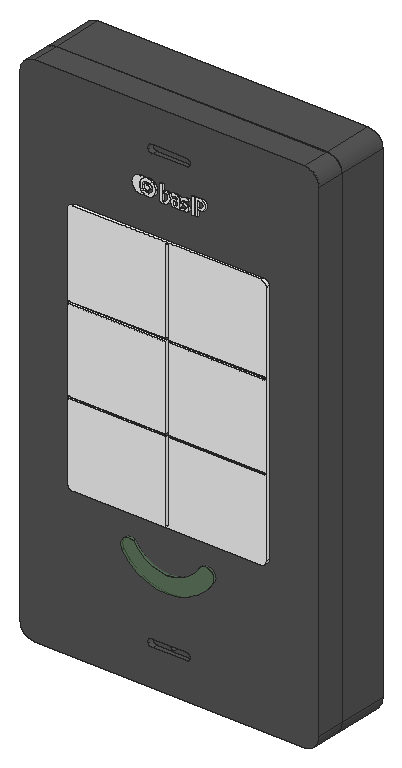
Revit family "BAS-IP_Абонетское устройство_SP-03", category Устройства связи, Revit 2019
Family settings
  Сохранять ориентацию аннотаций = Нет
  Размер круглого соединителя = Использовать диаметр
  Тип детали = Нормальный
  На основе рабочей плоскости = Нет
  Всегда вертикально = Да
  При загрузке вырезать с полостями = Нет
  Общий = Нет
  Точка расчета площади = Нет
Parameters (values of type "Черный")
  Цветовое решение = "Черный"
  УГО_Смещение_Y [instance] = 0 mm
  УГО_Смещение_X [instance] = 0 mm
  Тип поддерживаемых кодеков = "G.711μ / G.711a"
  Количество клавиш управления = "6"
  Тип установки = "Настенный"
  Количество поддерживаемых учетных записей VoIP = "1"
  Подключение к сети = "1 PoE порт IEEE 802.3af"
  Метод приемо-передачи аудиосигнала = "Full Duplex"
  Зона обслуживания [instance] = no
  Габаритные размеры = "183 × 105 × 28 мм"
  Питание = "PoE, +12 В"
  Wi-Fi = "2.4GHz (IEEE 802.11n)"
  Изготовитель = "BAS-IP"  # constant formula
  Тип поддерживаемого протокола = "IPv4"
  Способ настройки и программирования = "WEB-интерфейс"
  ADSK_Размер_Смещение от уровня [instance] = 1000 mm
  ADSK_Примечание [instance] = ""
  ADSK_Позиция [instance] = ""
  ADSK_Наименование = "Абонентское IP аудиоустройство"
  ADSK_Материал = Black
  ADSK_Марка = "SP-03 Black"
  ADSK_Количество = 1  # constant formula
  ADSK_Код изделия = ""
  ADSK_Завод-изготовитель = "BAS-IP"  # constant formula
  ADSK_Единица измерения = "шт."  # constant formula
Types (2, lengths in mm): name | Цветовое решение | ADSK_Материал | ADSK_Марка
  Белый | "Белый" | White | "SP-03 White"
  Черный | "Черный" | Black | "SP-03 Black"
Reference planes
  plane 1 "По центру (Вперед/Назад)": y = 0
  plane 2: z = 0
  plane 3 "По центру (Влево/Вправо)": x = 0
  plane 4: z = 1000
  plane 5: z = 0
  plane 6: x = 0
  plane 7: y = 0
Forms (mm)
  Extrusion 1, solid, material "Black" <- "ADSK_Материал", detail levels medium+fine
    sketch origin (0, 0, 1000) x (1, 0, 0) y (0, 0, 1)
      loop
        arc (-47.5, 183) -> (-51.036, 181.536) -> (-52.5, 178) r 5
        line (-52.5, 178) -> (-52.5, 5)
        arc (-52.5, 5) -> (-51.036, 1.464) -> (-47.5, 0) r 5
        line (-47.5, 0) -> (47.5, 0)
        arc (47.5, 0) -> (51.036, 1.464) -> (52.5, 5) r 5
        line (52.5, 5) -> (52.5, 178)
        arc (52.5, 178) -> (51.036, 181.536) -> (47.5, 183) r 5
        line (47.5, 183) -> (-47.5, 183)
    from 0 to 10
  Extrusion 2, solid, material "Silver", detail levels fine
    sketch origin (1.156, 0, 1000) x (1, 0, 0) y (0, 0, 1)
      loop
        arc (-34.156, 142.833) -> (-35.57, 142.247) -> (-36.156, 140.833) r 2
        line (-36.156, 140.833) -> (-36.156, 54.833)
        arc (-36.156, 54.833) -> (-35.57, 53.418) -> (-34.156, 52.833) r 2
        line (-34.156, 52.833) -> (31.844, 52.833)
        arc (31.844, 52.833) -> (33.258, 53.418) -> (33.844, 54.833) r 2
        line (33.844, 54.833) -> (33.844, 140.833)
        arc (33.844, 140.833) -> (33.258, 142.247) -> (31.844, 142.833) r 2
        line (31.844, 142.833) -> (-34.156, 142.833)
    from 10 to 11
  Extrusion 3, void, detail levels fine
    sketch origin (0, 0, 1000) x (1, 0, 0) y (0, 0, 1)
      loop
        line (-0.5, 53.333) -> (0.5, 53.333) -> (0.5, 142.333) -> (-0.5, 142.333) -> (-0.5, 53.333)
    from 10 to 11
  Extrusion 4, void, detail levels fine
    sketch origin (108.333, 0, 1122.909) x (0, 0, 1) y (-1, 0, 0)
      loop
        line (-11.5, 73.833) -> (-10.5, 73.833) -> (-10.5, 142.833) -> (-11.5, 142.833) -> (-11.5, 73.833)
      loop
        line (-41.5, 73.833) -> (-40.5, 73.833) -> (-40.5, 142.833) -> (-41.5, 142.833) -> (-41.5, 73.833)
    from 10 to 11
  Extrusion 5, void, detail levels fine
    sketch origin (166.018, 0, 844.416) x (1, 0, 0) y (0, 0, 1)
      loop
        arc (-172.018, 171.117) -> (-173.518, 169.617) -> (-172.018, 168.117) r 1.5
        line (-172.018, 168.117) -> (-160.018, 168.117)
        arc (-160.018, 168.117) -> (-158.518, 169.617) -> (-160.018, 171.117) r 1.5
        line (-160.018, 171.117) -> (-172.018, 171.117)
    from 8 to 10
  Extrusion 6, void, detail levels fine
    sketch origin (166.018, 0, 1000) x (1, 0, 0) y (0, 0, 1)
      loop
        arc (-172.018, 171.117) -> (-173.518, 169.617) -> (-172.018, 168.117) r 1.5
        line (-172.018, 168.117) -> (-160.018, 168.117)
        arc (-160.018, 168.117) -> (-158.518, 169.617) -> (-160.018, 171.117) r 1.5
        line (-160.018, 171.117) -> (-172.018, 171.117)
    from 8 to 10
  Extrusion 7, void, detail levels fine
    sketch origin (0, 0, 1000) x (1, 0, 0) y (0, 0, 1)
      loop
        circle (0, 13.959) r 1.014
    from 5 to 8
  Extrusion 8, solid, material "Green indicator", detail levels fine
    sketch origin (166.458, 0, 1000) x (1, 0, 0) y (0, 0, 1)
      loop
        arc (-178.291, 44.59) -> (-181.899, 44.071) -> (-182.267, 40.444) r 2.96
        arc (-182.267, 40.444) -> (-166.286, 31.864) -> (-150.417, 40.65) r 18.945
        arc (-150.417, 40.65) -> (-150.903, 44.407) -> (-154.685, 44.61) r 2.96
        arc (-154.685, 44.61) -> (-166.483, 37.917) -> (-178.291, 44.59) r 13.764
    from 10 to 11
  Extrusion 9, solid, material "Black" <- "ADSK_Материал", detail levels medium+fine
    sketch origin (0, 10, 1000) x (1, 0, 0) y (0, 0, 1)
      loop
        arc (-47.5, 183) -> (-51.036, 181.536) -> (-52.5, 178) r 5
        line (-52.5, 178) -> (-52.5, 5)
        arc (-52.5, 5) -> (-51.036, 1.464) -> (-47.5, 0) r 5
        line (-47.5, 0) -> (47.5, 0)
        arc (47.5, 0) -> (51.036, 1.464) -> (52.5, 5) r 5
        line (52.5, 5) -> (52.5, 178)
        arc (52.5, 178) -> (51.036, 181.536) -> (47.5, 183) r 5
        line (47.5, 183) -> (-47.5, 183)
    from -8 to 10
  Extrusion 10, solid, material "Black" <- "ADSK_Материал", not visible, detail levels medium+fine
    sketch origin (0, 0, 0) x (1, 0, 0) y (0, 0, 1)
      loop
        arc (-47.5, 183) -> (-51.036, 181.536) -> (-52.5, 178) r 5
        line (-52.5, 178) -> (-52.5, 5)
        arc (-52.5, 5) -> (-51.036, 1.464) -> (-47.5, 0) r 5
        line (-47.5, 0) -> (47.5, 0)
        arc (47.5, 0) -> (51.036, 1.464) -> (52.5, 5) r 5
        line (52.5, 5) -> (52.5, 178)
        arc (52.5, 178) -> (51.036, 181.536) -> (47.5, 183) r 5
        line (47.5, 183) -> (-47.5, 183)
    from 0 to 10
  Extrusion 11, solid, material "Silver", not visible, detail levels fine
    sketch origin (1.156, 0, 0) x (1, 0, 0) y (0, 0, 1)
      loop
        arc (-34.156, 142.833) -> (-35.57, 142.247) -> (-36.156, 140.833) r 2
        line (-36.156, 140.833) -> (-36.156, 54.833)
        arc (-36.156, 54.833) -> (-35.57, 53.418) -> (-34.156, 52.833) r 2
        line (-34.156, 52.833) -> (31.844, 52.833)
        arc (31.844, 52.833) -> (33.258, 53.418) -> (33.844, 54.833) r 2
        line (33.844, 54.833) -> (33.844, 140.833)
        arc (33.844, 140.833) -> (33.258, 142.247) -> (31.844, 142.833) r 2
        line (31.844, 142.833) -> (-34.156, 142.833)
    from 10 to 11
  Extrusion 12, void, not visible, detail levels fine
    sketch origin (0, 0, 0) x (1, 0, 0) y (0, 0, 1)
      loop
        line (-0.5, 53.333) -> (0.5, 53.333) -> (0.5, 142.333) -> (-0.5, 142.333) -> (-0.5, 53.333)
    from 10 to 11
  Extrusion 13, void, not visible, detail levels fine
    sketch origin (108.333, 0, 122.909) x (0, 0, 1) y (-1, 0, 0)
      loop
        line (-11.5, 73.833) -> (-10.5, 73.833) -> (-10.5, 142.833) -> (-11.5, 142.833) -> (-11.5, 73.833)
      loop
        line (-41.5, 73.833) -> (-40.5, 73.833) -> (-40.5, 142.833) -> (-41.5, 142.833) -> (-41.5, 73.833)
    from 10 to 11
  Extrusion 14, void, not visible, detail levels fine
    sketch origin (166.018, 0, -155.584) x (1, 0, 0) y (0, 0, 1)
      loop
        arc (-172.018, 171.117) -> (-173.518, 169.617) -> (-172.018, 168.117) r 1.5
        line (-172.018, 168.117) -> (-160.018, 168.117)
        arc (-160.018, 168.117) -> (-158.518, 169.617) -> (-160.018, 171.117) r 1.5
        line (-160.018, 171.117) -> (-172.018, 171.117)
    from 8 to 10
  Extrusion 15, void, not visible, detail levels fine
    sketch origin (166.018, 0, 0) x (1, 0, 0) y (0, 0, 1)
      loop
        arc (-172.018, 171.117) -> (-173.518, 169.617) -> (-172.018, 168.117) r 1.5
        line (-172.018, 168.117) -> (-160.018, 168.117)
        arc (-160.018, 168.117) -> (-158.518, 169.617) -> (-160.018, 171.117) r 1.5
        line (-160.018, 171.117) -> (-172.018, 171.117)
    from 8 to 10
  Extrusion 16, void, not visible, detail levels fine
    sketch origin (0, 0, 0) x (1, 0, 0) y (0, 0, 1)
      loop
        circle (0, 13.959) r 1.014
    from 5 to 8
  Extrusion 17, solid, material "Green indicator", not visible, detail levels fine
    sketch origin (166.458, 0, 0) x (1, 0, 0) y (0, 0, 1)
      loop
        arc (-178.291, 44.59) -> (-181.899, 44.071) -> (-182.267, 40.444) r 2.96
        arc (-182.267, 40.444) -> (-166.286, 31.864) -> (-150.417, 40.65) r 18.945
        arc (-150.417, 40.65) -> (-150.903, 44.407) -> (-154.685, 44.61) r 2.96
        arc (-154.685, 44.61) -> (-166.483, 37.917) -> (-178.291, 44.59) r 13.764
    from 10 to 11
  Extrusion 18, solid, material "Black" <- "ADSK_Материал", not visible, detail levels medium+fine
    sketch origin (0, 10, 0) x (1, 0, 0) y (0, 0, 1)
      loop
        arc (-47.5, 183) -> (-51.036, 181.536) -> (-52.5, 178) r 5
        line (-52.5, 178) -> (-52.5, 5)
        arc (-52.5, 5) -> (-51.036, 1.464) -> (-47.5, 0) r 5
        line (-47.5, 0) -> (47.5, 0)
        arc (47.5, 0) -> (51.036, 1.464) -> (52.5, 5) r 5
        line (52.5, 5) -> (52.5, 178)
        arc (52.5, 178) -> (51.036, 181.536) -> (47.5, 183) r 5
        line (47.5, 183) -> (-47.5, 183)
    from -8 to 10
Cuts and joins
  Extrusion 3, Extrusion 4, Extrusion 5, Extrusion 6, Extrusion 7 cuts Extrusion 1
  Extrusion 3, Extrusion 4 cuts Extrusion 2
Dimensions and locks
  "ADSK_Размер_Смещение от уровня": plane 4 to plane 2
  "УГО_Смещение_Y": plane 7 to plane 1 "По центру (Вперед/Назад)"
  "УГО_Смещение_X": plane 3 "По центру (Влево/Вправо)" to plane 6
  aligned and locked: level to plane 2
  aligned and locked: cut or joined group of Extrusion 1, Extrusion 3, Extrusion 4, Extrusion 5, Extrusion 6, Extrusion 7 to plane 4
  aligned and locked: plane 6 to nested 5
  aligned and locked: nested 5 to plane 7
Automatic sketch dimensions
  Extrusion 1 sketch curve to Extrusion 1 sketch curve = 5 mm  (x3)
  Extrusion 1 sketch curve to Extrusion 1 sketch curve = 173 mm
  Extrusion 2 sketch curve to Extrusion 2 sketch curve = 2 mm  (x3)
  Extrusion 2 sketch curve to Extrusion 2 sketch curve = 86 mm
  Extrusion 3 sketch curve to Extrusion 3 sketch curve = 89 mm
  Extrusion 4 sketch curve to Extrusion 4 sketch curve = 1 mm  (x2)
  Extrusion 4 sketch curve to Extrusion 4 sketch curve = 29 mm
  Extrusion 4 sketch curve to Extrusion 4 sketch curve = 0 mm  (x2)
  Extrusion 5 sketch curve to Extrusion 5 sketch curve = 1.5 mm
  Extrusion 6 sketch curve to Extrusion 6 sketch curve = 1.5 mm
  Extrusion 8 sketch curve to Extrusion 8 sketch curve = 0.215 mm
  Extrusion 8 sketch curve to Extrusion 8 sketch curve = 8.571 mm
  Extrusion 8 sketch curve to Extrusion 8 sketch curve = 0.872 mm
  Extrusion 8 sketch curve to Extrusion 8 sketch curve = 2.504 mm
  Extrusion 8 sketch curve to Extrusion 8 sketch curve = 1.472 mm
  Extrusion 8 sketch curve to Extrusion 8 sketch curve = 1.77 mm
  Extrusion 8 sketch curve to Extrusion 8 sketch curve = 2.498 mm
  Extrusion 9 sketch curve to Extrusion 9 sketch curve = 5 mm  (x3)
  Extrusion 9 sketch curve to Extrusion 9 sketch curve = 173 mm
  Extrusion 1 sketch curve to Extrusion 1 sketch curve = 95 mm  (x2)
  Extrusion 2 sketch curve to Extrusion 2 sketch curve = 66 mm  (x2)
  Extrusion 3 sketch curve to Extrusion 3 sketch curve = 1 mm
  Extrusion 4 sketch curve to Extrusion 4 sketch curve = 69 mm
  Extrusion 5 sketch curve to Extrusion 5 sketch curve = 12 mm
  Extrusion 6 sketch curve to Extrusion 6 sketch curve = 12 mm
  Extrusion 8 sketch curve to Extrusion 8 sketch curve = 11.797 mm
  Extrusion 8 sketch curve to Extrusion 8 sketch curve = 0.086 mm
  Extrusion 8 sketch curve to Extrusion 8 sketch curve = 13.493 mm
  Extrusion 9 sketch curve to Extrusion 9 sketch curve = 95 mm  (x2)
  Extrusion 10 sketch curve to Extrusion 10 sketch curve = 5 mm  (x3)
  Extrusion 10 sketch curve to Extrusion 10 sketch curve = 173 mm
  Extrusion 11 sketch curve to Extrusion 11 sketch curve = 2 mm  (x3)
  Extrusion 11 sketch curve to Extrusion 11 sketch curve = 86 mm
  Extrusion 12 sketch curve to Extrusion 12 sketch curve = 89 mm
  Extrusion 13 sketch curve to Extrusion 13 sketch curve = 1 mm  (x2)
  Extrusion 13 sketch curve to Extrusion 13 sketch curve = 29 mm
  Extrusion 13 sketch curve to Extrusion 13 sketch curve = 0 mm  (x2)
  Extrusion 14 sketch curve to Extrusion 14 sketch curve = 1.5 mm
  Extrusion 15 sketch curve to Extrusion 15 sketch curve = 1.5 mm
  Extrusion 17 sketch curve to Extrusion 17 sketch curve = 0.215 mm
  Extrusion 17 sketch curve to Extrusion 17 sketch curve = 8.571 mm
  Extrusion 17 sketch curve to Extrusion 17 sketch curve = 0.872 mm
  Extrusion 17 sketch curve to Extrusion 17 sketch curve = 2.504 mm
  Extrusion 17 sketch curve to Extrusion 17 sketch curve = 1.472 mm
  Extrusion 17 sketch curve to Extrusion 17 sketch curve = 1.77 mm
  Extrusion 17 sketch curve to Extrusion 17 sketch curve = 2.498 mm
  Extrusion 18 sketch curve to Extrusion 18 sketch curve = 5 mm  (x3)
  Extrusion 18 sketch curve to Extrusion 18 sketch curve = 173 mm
  Extrusion 10 sketch curve to Extrusion 10 sketch curve = 95 mm  (x2)
  Extrusion 11 sketch curve to Extrusion 11 sketch curve = 66 mm  (x2)
  Extrusion 12 sketch curve to Extrusion 12 sketch curve = 1 mm
  Extrusion 13 sketch curve to Extrusion 13 sketch curve = 69 mm
  Extrusion 14 sketch curve to Extrusion 14 sketch curve = 12 mm
  Extrusion 15 sketch curve to Extrusion 15 sketch curve = 12 mm
  Extrusion 17 sketch curve to Extrusion 17 sketch curve = 11.797 mm
  Extrusion 17 sketch curve to Extrusion 17 sketch curve = 0.086 mm
  Extrusion 17 sketch curve to Extrusion 17 sketch curve = 13.493 mm
  Extrusion 18 sketch curve to Extrusion 18 sketch curve = 95 mm  (x2)
  radius of Extrusion 7 sketch curve = 1.014 mm
  radius of Extrusion 16 sketch curve = 1.014 mm
Nested families
  nested 1: "BAS-IP_Logo_S" at (0.741, -9.5, 1154.248), type "BAS-IP_Logo_S", detail levels fine
    with Материал Silver
  nested 2: "Зона обслуживания" at (0, 0, 950), visible <- "Зона обслуживания", type "Зона обслуживания", detail levels fine
    with ADSK_Размер_Ширина 205 mm, ADSK_Размер_Высота 283 mm
  nested 3: "BAS-IP_Logo_S" at (0.741, -9.5, 154.248), type "BAS-IP_Logo_S", not visible, detail levels fine
    with Материал Silver
  nested 4: "Зона обслуживания" at (0, 0, -50), visible <- "Зона обслуживания", type "Зона обслуживания", not visible, detail levels fine
    with ADSK_Размер_Ширина 205 mm, ADSK_Размер_Высота 283 mm
  nested 5: "УГО_Абонентское устройство" at (0, 0, 0), type "УГО_Абонентское устройство", detail levels coarse+medium
Connectors
  electrical at (0, 9, 1000)
    settings: on Extrusion 9, index 1, voltage 0 V, apparent load 0 VA, apparent load phase1 0 VA, apparent load phase2 0 VA, apparent load phase3 0 VA, power factor 1, load classification "Прочее", number of poles 1, system type 12, power factor state 1, is connector primary yes, connector utility no, sub classification motor no, connector description ""
Definition of nested family "BAS-IP_Logo_S"
  Parameters (values of type "BAS-IP_Logo_S")
    Материал [instance] = none
  Reference planes
    plane 1 "По центру (Вперед/Назад)": y = 0
    plane 2: z = 0
    plane 3 "По центру (Влево/Вправо)": x = 0
  Forms (mm)
    Extrusion 1, solid, material <- "Материал"
      sketch origin (-6.577, 0, -7.331) x (1, 0, 0) y (0, 0, 1)
        loop
          circle (-1.452, 10.426) r 2.917
        loop
          circle (-1.452, 10.426) r 1.823
        loop
          circle (-1.452, 10.426) r 0.907
        loop
          line (2.897, 13.369) -> (2.897, 7.626)
          arc (2.897, 7.626) -> (4.378, 7.331) -> (5.829, 7.75) r 3.194
          arc (5.829, 7.75) -> (6.556, 9.353) -> (6.13, 11.061) r 2.674
          arc (6.13, 11.061) -> (4.872, 11.67) -> (3.741, 10.847) r 1.36
          line (3.741, 10.847) -> (3.741, 13.369) -> (2.897, 13.369)
        loop
          line (9.211, 9.975) -> (7.991, 9.975)
          arc (7.991, 9.975) -> (6.849, 8.828) -> (7.615, 7.403) r 1.358
          line (7.615, 7.403) -> (9.943, 7.403)
          spline (9.943, 7.403) -> (10.042, 8.877) -> (10.055, 9.915) -> (9.997, 10.601) -> (9.886, 11.019) -> (9.737, 11.256) -> (9.568, 11.394) -> (9.385, 11.5) -> (9.169, 11.588) -> (8.896, 11.659) -> (8.521, 11.71) -> (7.969, 11.725) -> (7.158, 11.687)
          line (7.158, 11.687) -> (7.158, 10.887) -> (8.571, 10.887)
          arc (8.571, 10.887) -> (9.157, 10.617) -> (9.211, 9.975) r 0.64
        loop
          line (9.25, 9.484) -> (8.048, 9.484)
          arc (8.048, 9.484) -> (7.606, 8.736) -> (8.048, 7.988) r 0.854
          line (8.048, 7.988) -> (9.25, 7.988) -> (9.25, 9.484)
        loop
          line (3.741, 10.21) -> (3.741, 7.988)
          spline (3.741, 7.988) -> (4.72, 8.077) -> (5.267, 8.31) -> (5.573, 8.641) -> (5.734, 9.045) -> (5.806, 9.508) -> (5.807, 9.99) -> (5.705, 10.408) -> (5.485, 10.703) -> (5.195, 10.895) -> (4.844, 10.985) -> (4.33, 10.884) -> (3.741, 10.21)
        loop
          spline (13.018, 11.649) -> (11.419, 11.695) -> (10.875, 11.521) -> (10.489, 11.179) -> (10.305, 10.688) -> (10.406, 10.198) -> (10.752, 9.835) -> (11.372, 9.476) -> (12.029, 9.086) -> (12.384, 8.702) -> (12.37, 8.376) -> (11.859, 8.127) -> (10.354, 8.165)
          line (10.354, 8.165) -> (10.284, 7.368)
          spline (10.284, 7.368) -> (11.866, 7.357) -> (12.634, 7.611) -> (13.056, 8.054) -> (13.185, 8.589) -> (13.044, 9.098) -> (12.719, 9.467) -> (12.225, 9.735) -> (11.625, 10.002) -> (11.161, 10.338) -> (11.097, 10.694) -> (11.676, 10.917) -> (12.949, 10.853)
          line (12.949, 10.853) -> (13.018, 11.649)
        loop
          line (14.214, 13.23) -> (14.214, 7.403) -> (15.003, 7.403) -> (15.003, 13.23) -> (14.214, 13.23)
        loop
          line (15.425, 13.23) -> (15.425, 7.403) -> (16.26, 7.403) -> (16.26, 9.541) -> (17.223, 9.541)
          arc (17.223, 9.541) -> (19.068, 11.385) -> (17.223, 13.23) r 1.844
          line (17.223, 13.23) -> (15.425, 13.23)
        loop
          line (16.26, 10.169) -> (17.186, 10.169)
          arc (17.186, 10.169) -> (18.222, 11.249) -> (17.419, 12.511) r 1.211
          line (17.419, 12.511) -> (16.26, 12.511) -> (16.26, 10.169)
      from 0 to 1
    Extrusion 2, solid, material <- "Материал"
      sketch origin (-0.313, 0, -1.028) x (1, 0, 0) y (0, 0, 1)
        loop
          arc (-8.967, 6.758) -> (-13.134, 4.123) -> (-8.967, 1.487) r 2.917
          arc (-8.967, 1.487) -> (-10.634, 4.123) -> (-8.967, 6.758) r 2.917
      from 0 to 1
  Dimensions and locks
    aligned and locked: level to plane 2
Definition of nested family "Зона обслуживания"
  Parameters (values of type "Семейство1")
    Зона обслуживания = none
    ADSK_Размер_Ширина = 200 mm
    ADSK_Размер_Глубина = 120 mm
    ADSK_Размер_Высота = 250 mm
  Reference planes
    plane 1 "По центру (Вперед/Назад)": y = 0
    plane 2: z = 0
    plane 3 "По центру (Влево/Вправо)": x = 0
  Forms (mm)
    Extrusion 1, solid, material <- "Зона обслуживания"
      sketch origin (0, 0, 0) x (1, 0, 0) y (0, 1, 0)
        loop
          line (-100, 0) -> (-100, -120) -> (100, -120) -> (100, 0) -> (-100, 0)
      from 0 to 250 <- "ADSK_Размер_Высота"
  Dimensions and locks
    "ADSK_Размер_Глубина": Extrusion 1 sketch curve to plane 1 "По центру (Вперед/Назад)"
    equal spacing: Extrusion 1 sketch curve, plane 3 "По центру (Влево/Вправо)", Extrusion 1 sketch curve
    "ADSK_Размер_Ширина": Extrusion 1 sketch curve to Extrusion 1 sketch curve
    aligned and locked: level to plane 2
  Automatic sketch dimensions
    plane 1 "По центру (Вперед/Назад)" to Extrusion 1 sketch curve = 0 mm
Definition of nested family "УГО_Абонентское устройство"
  Reference planes
    plane 1: y = 0
    plane 2: x = 0
  Lines and regions (mm)
    detail lines
      curve 1: line (-2.5, 0, 0) -> (2.5, 0, 0)
      curve 2: line (-2.5, -7, 0) -> (-2.5, 0, 0)
      curve 3: line (2.5, -7, 0) -> (-2.5, -7, 0)
      curve 4: line (2.5, 0, 0) -> (2.5, -7, 0)
      curve 5: line (-1.5, -1.5, 0) -> (1.5, -1.5, 0)
      curve 6: line (-1.5, -5.461, 0) -> (-1.5, -1.5, 0)
      curve 7: line (1.5, -5.461, 0) -> (-1.5, -5.461, 0)
      curve 8: line (1.5, -1.5, 0) -> (1.5, -5.461, 0)
      curve 9: line (-0.566, -0.635, 0) -> (0.658, -0.635, 0)
      curve 10: arc (-0.566, -6.184, 0) -> (0.046, -6.431, 0) -> (0.658, -6.184, 0) r 0.884
      curve 11: line (0, -1.5, 0) -> (0, -5.461, 0)
      curve 12: line (-1.5, -2.82, 0) -> (1.5, -2.82, 0)
      curve 13: line (-1.5, -4.14, 0) -> (1.5, -4.14, 0)
